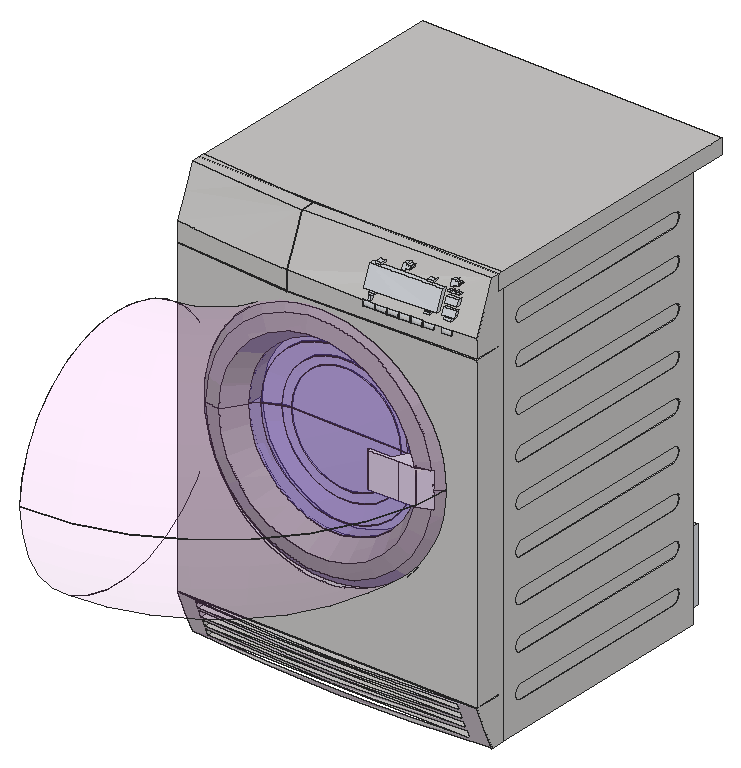
Revit family "TE1120P", category Specialty Equipment, Revit 2014
Parameters
  Width = 596.5 mm
  Height = 850 mm
  Depth = 625 mm
Reference planes
  plane 1 "Center (Front/Back)": y = 0
  plane 2: z = 0
  plane 3 "Center (Left/Right)": x = 0
  plane 4 "LEFT": x = -298.25
  plane 5 "RIGHT": x = 298.25
  plane 6 "BACK": y = 312.5
  plane 7 "FRONT": y = -312.5
  plane 8 "voidPanel": through (0, -279.09, 846.678) normal (0, -0.9308, 0.3656)
Forms (mm)
  Extrusion 1, void
    sketch origin (0, 0, 0) x (1, 0, 0) y (0, 1, 0)
      loop
        line (298.25, -312.5) -> (348.25, -312.5) -> (348.25, -207.1) -> (298.25, -207.1) -> (298.25, -312.5)
    from 0 to 850
  Extrusion 2, void
    sketch origin (0, 0, 0) x (1, 0, 0) y (0, 1, 0)
      loop
        line (-298.25, -312.5) -> (-298.25, -207.1) -> (-348.25, -207.1) -> (-348.25, -312.5) -> (-298.25, -312.5)
    from 0 to 850
  Revolve 3, solid, material "QF_Finishes_Stainless Steel"
    sketch origin (0, 0, 0) x (0, 1, 0) y (0, 0, 1)
      loop
        line (-274.523, 850) -> (-312.5, 758.7) -> (-312.5, 96.5) -> (-275.82, 10.099) -> (-247.797, 10.099) -> (-247.797, 850) -> (-274.523, 850)
      axis (2690.37, 850) -> (2690.37, 10.099)
    angle from -6 to 6
  Extrusion 4, solid, material "QF_Finishes_Stainless Steel"
    sketch origin (0, 0, 0) x (1, 0, 0) y (0, 1, 0)
      loop
        line (-298.25, 242.203) -> (-298.25, -242.62) -> (298.25, -242.62) -> (298.25, 242.203) -> (-298.25, 242.203)
    from 10 to 820
  Extrusion 5, solid, material "QF_Finishes_Stainless Steel"
    sketch origin (0, 0, 820) x (-1, 0, 0) y (0, -1, 0)
      loop
        line (298.25, -312.5) -> (298.25, 242.62)
        arc (298.25, 242.62) -> (0, 256.083) -> (-298.25, 242.62) r 3310.343
        line (-298.25, 242.62) -> (-298.25, -312.5) -> (298.25, -312.5)
    from 0 to 30
  Extrusion 6, void
    sketch origin (0, -312.5, 0) x (0, 0, 1) y (-1, 0, 0)
      loop
        circle (470, 0) r 242.757
    from 0 to -500.517
  Revolve 7, solid, material "QF_Finishes_Gray"
    sketch origin (0, 0, 470) x (-1, 0, 0) y (0, -1, 0)
      loop
        line (245.674, 247.797) -> (245.674, 301.649) -> (226.774, 315.823) -> (196.73, 322.467) -> (170.5, 280.146) -> (170.5, 247.797) -> (245.674, 247.797)
      axis (0, 247.797) -> (0, 322.467)
    angle from 0 to 360
  Revolve 8, solid, material "Glass"
    sketch origin (0, 0, 470) x (-1, 0, 0) y (0, -1, 0)
      loop
        line (156.034, 267.121) -> (125.785, 252.816)
        arc (125.785, 252.816) -> (117.42, 250.476) -> (108.77, 249.687) r 47.824
        line (108.77, 249.687) -> (0, 249.687) -> (0, 247.687) -> (108.77, 247.687)
        arc (108.77, 247.687) -> (117.82, 248.516) -> (126.57, 250.975) r 49.824
        line (126.57, 250.975) -> (156.889, 265.313)
        arc (156.889, 265.313) -> (164.396, 270.082) -> (170.5, 276.551) r 35.892
        line (170.5, 276.551) -> (170.5, 280.146)
        arc (170.5, 280.146) -> (164.222, 272.572) -> (156.034, 267.121) r 33.892
      axis (0, 247.687) -> (0, 280.146)
    angle from 0 to 360
  Extrusion 9, void
    sketch origin (0, 0, 470) x (-1, 0, 0) y (0, -1, 0)
      loop
        line (288.25, -232.203) -> (288.25, 237.797) -> (-288.25, 237.797) -> (-288.25, -232.203) -> (288.25, -232.203)
    from -434.1 to 332.6
  Extrusion 10, solid
    sketch origin (0, 0, 852.516) x (-1, 0, 0) y (0, -1, 0)
      loop
        line (-148.308, 321.998) -> (-106.952, 321.998)
        arc (-106.952, 321.998) -> (-103.946, 325.004) -> (-106.952, 328.01) r 3.006
        line (-106.952, 328.01) -> (-166.755, 328.01)
        arc (-166.755, 328.01) -> (-197.368, 324.932) -> (-226.757, 315.823) r 153.806
        line (-226.757, 315.823) -> (-196.713, 322.467) -> (-170.483, 280.146) -> (-148.308, 321.998)
    from -417.516 to -347.516
  Extrusion 11, void
    sketch origin (0, 0, 0) x (0, 1, 0) y (0, 0, 1)
      loop
        line (-186.583, 738.954) -> (193.417, 738.954)
        arc (193.417, 738.954) -> (208.417, 753.954) -> (193.417, 768.954) r 15
        line (193.417, 768.954) -> (-186.583, 768.954)
        arc (-186.583, 768.954) -> (-201.583, 753.954) -> (-186.583, 738.954) r 15
      loop
        line (-186.583, 659.854) -> (193.417, 659.854)
        arc (193.417, 659.854) -> (208.417, 674.854) -> (193.417, 689.854) r 15
        line (193.417, 689.854) -> (-186.583, 689.854)
        arc (-186.583, 689.854) -> (-201.583, 674.854) -> (-186.583, 659.854) r 15
      loop
        arc (193.417, 574.854) -> (208.417, 589.854) -> (193.417, 604.854) r 15
        line (193.417, 604.854) -> (-186.583, 604.854)
        arc (-186.583, 604.854) -> (-201.583, 589.854) -> (-186.583, 574.854) r 15
        line (-186.583, 574.854) -> (193.417, 574.854)
      loop
        arc (-186.583, 519.854) -> (-201.583, 504.854) -> (-186.583, 489.854) r 15
        line (-186.583, 489.854) -> (193.417, 489.854)
        arc (193.417, 489.854) -> (208.417, 504.854) -> (193.417, 519.854) r 15
        line (193.417, 519.854) -> (-186.583, 519.854)
      loop
        arc (-186.583, 434.854) -> (-201.583, 419.854) -> (-186.583, 404.854) r 15
        line (-186.583, 404.854) -> (193.417, 404.854)
        arc (193.417, 404.854) -> (208.417, 419.854) -> (193.417, 434.854) r 15
        line (193.417, 434.854) -> (-186.583, 434.854)
      loop
        line (-186.583, 319.854) -> (193.417, 319.854)
        arc (193.417, 319.854) -> (208.417, 334.854) -> (193.417, 349.854) r 15
        line (193.417, 349.854) -> (-186.583, 349.854)
        arc (-186.583, 349.854) -> (-201.583, 334.854) -> (-186.583, 319.854) r 15
      loop
        arc (-186.583, 264.854) -> (-201.583, 249.854) -> (-186.583, 234.854) r 15
        line (-186.583, 234.854) -> (193.417, 234.854)
        arc (193.417, 234.854) -> (208.417, 249.854) -> (193.417, 264.854) r 15
        line (193.417, 264.854) -> (-186.583, 264.854)
      loop
        arc (-186.583, 179.854) -> (-201.583, 164.854) -> (-186.583, 149.854) r 15
        line (-186.583, 149.854) -> (193.417, 149.854)
        arc (193.417, 149.854) -> (208.417, 164.854) -> (193.417, 179.854) r 15
        line (193.417, 179.854) -> (-186.583, 179.854)
      loop
        arc (-186.583, 94.854) -> (-201.583, 79.854) -> (-186.583, 64.854) r 15
        line (-186.583, 64.854) -> (193.417, 64.854)
        arc (193.417, 64.854) -> (208.417, 79.854) -> (193.417, 94.854) r 15
        line (193.417, 94.854) -> (-186.583, 94.854)
    from 295 to 298.25
  Extrusion 12, void
    sketch origin (-298.25, 0, 0) x (0, 0, 1) y (0, -1, 0)
      loop
        line (768.954, -193.417) -> (768.954, 186.583)
        arc (768.954, 186.583) -> (753.954, 201.583) -> (738.954, 186.583) r 15
        line (738.954, 186.583) -> (738.954, -193.417)
        arc (738.954, -193.417) -> (753.954, -208.417) -> (768.954, -193.417) r 15
      loop
        arc (659.854, -193.417) -> (674.854, -208.417) -> (689.854, -193.417) r 15
        line (689.854, -193.417) -> (689.854, 186.583)
        arc (689.854, 186.583) -> (674.854, 201.583) -> (659.854, 186.583) r 15
        line (659.854, 186.583) -> (659.854, -193.417)
      loop
        line (604.854, -193.417) -> (604.854, 186.583)
        arc (604.854, 186.583) -> (589.854, 201.583) -> (574.854, 186.583) r 15
        line (574.854, 186.583) -> (574.854, -193.417)
        arc (574.854, -193.417) -> (589.854, -208.417) -> (604.854, -193.417) r 15
      loop
        arc (489.854, -193.417) -> (504.854, -208.417) -> (519.854, -193.417) r 15
        line (519.854, -193.417) -> (519.854, 186.583)
        arc (519.854, 186.583) -> (504.854, 201.583) -> (489.854, 186.583) r 15
        line (489.854, 186.583) -> (489.854, -193.417)
      loop
        line (404.854, 186.583) -> (404.854, -193.417)
        arc (404.854, -193.417) -> (419.854, -208.417) -> (434.854, -193.417) r 15
        line (434.854, -193.417) -> (434.854, 186.583)
        arc (434.854, 186.583) -> (419.854, 201.583) -> (404.854, 186.583) r 15
      loop
        arc (319.854, -193.417) -> (334.854, -208.417) -> (349.854, -193.417) r 15
        line (349.854, -193.417) -> (349.854, 186.583)
        arc (349.854, 186.583) -> (334.854, 201.583) -> (319.854, 186.583) r 15
        line (319.854, 186.583) -> (319.854, -193.417)
      loop
        arc (264.854, 186.583) -> (249.854, 201.583) -> (234.854, 186.583) r 15
        line (234.854, 186.583) -> (234.854, -193.417)
        arc (234.854, -193.417) -> (249.854, -208.417) -> (264.854, -193.417) r 15
        line (264.854, -193.417) -> (264.854, 186.583)
      loop
        arc (149.854, -193.417) -> (164.854, -208.417) -> (179.854, -193.417) r 15
        line (179.854, -193.417) -> (179.854, 186.583)
        arc (179.854, 186.583) -> (164.854, 201.583) -> (149.854, 186.583) r 15
        line (149.854, 186.583) -> (149.854, -193.417)
      loop
        line (94.854, -193.417) -> (94.854, 186.583)
        arc (94.854, 186.583) -> (79.854, 201.583) -> (64.854, 186.583) r 15
        line (64.854, 186.583) -> (64.854, -193.417)
        arc (64.854, -193.417) -> (79.854, -208.417) -> (94.854, -193.417) r 15
    from 0 to 3.25
  Extrusion 13, solid
    sketch origin (0, 0, 0) x (1, 0, 0) y (0, 1, 0)
      loop
        circle (-263.25, 215.1) r 20
    from 2.599 to 10
  Extrusion 14, solid
    sketch origin (0, 0, 0) x (1, 0, 0) y (0, 1, 0)
      loop
        circle (-263.25, 215.1) r 11
    from 0 to 3
  Extrusion 15, solid
    sketch origin (0, 0, 0) x (1, 0, 0) y (0, 1, 0)
      loop
        circle (263.25, 215.1) r 20
    from 3 to 10
  Extrusion 16, solid
    sketch origin (0, 0, 0) x (1, 0, 0) y (0, 1, 0)
      loop
        circle (263.25, 215.1) r 11
    from 0 to 3
  Extrusion 17, solid
    sketch origin (0, 0, 0) x (1, 0, 0) y (0, 1, 0)
      loop
        circle (-263.25, -211.3) r 20
    from 3 to 10
  Extrusion 18, solid
    sketch origin (0, 0, 0) x (1, 0, 0) y (0, 1, 0)
      loop
        circle (-263.25, -211.3) r 11
    from 0 to 3
  Extrusion 19, solid
    sketch origin (0, 0, 0) x (1, 0, 0) y (0, 1, 0)
      loop
        circle (263.25, -211.3) r 20
    from 3 to 10
  Extrusion 20, solid
    sketch origin (0, 0, 0) x (1, 0, 0) y (0, 1, 0)
      loop
        circle (263.25, -211.3) r 11
    from 0 to 3
  Extrusion 21, solid
    sketch origin (66, 242.203, -35.6) x (0, 0, 1) y (1, 0, 0)
      loop
        circle (770.6, 175.06) r 5
    from 0 to 10
  Revolve 22, void
    sketch origin (-230.316, 19.843, 0) x (-0.085839, -0.996309, 0) y (0, 0, 1)
      loop
        arc (300.921, 759.87) -> (305.932, 740.04) -> (319.761, 724.969) r 41.748
        line (319.761, 724.969) -> (319.761, 759.87) -> (300.921, 759.87)
      axis (-2683.13, 759.87) -> (-2683.13, 724.969)
    angle from 0 to 2.65
  Extrusion 23, void
    sketch origin (0, -312.5, 0) x (0, 0, 1) y (-1, 0, 0)
      loop
        line (747.324, -82.491) -> (747.324, -105.291) -> (759.324, -105.291) -> (759.324, -82.491) -> (747.324, -82.491)
    from -4.2 to 3
  Extrusion 24, void
    sketch origin (0, -312.5, 0) x (0, 0, 1) y (-1, 0, 0)
      loop
        line (747.324, -105.691) -> (747.324, -128.291) -> (759.324, -128.291) -> (759.324, -105.691) -> (747.324, -105.691)
    from -5 to 3
  Extrusion 25, void
    sketch origin (0, -312.5, 0) x (0, 0, 1) y (-1, 0, 0)
      loop
        line (747.324, -128.691) -> (747.324, -151.291) -> (759.324, -151.291) -> (759.324, -128.691) -> (747.324, -128.691)
    from -6 to 3
  Extrusion 26, void
    sketch origin (0, -312.5, 0) x (0, 0, 1) y (-1, 0, 0)
      loop
        line (747.324, -151.691) -> (747.324, -174.291) -> (759.324, -174.291) -> (759.324, -151.691) -> (747.324, -151.691)
    from -7 to 3
  Extrusion 27, void
    sketch origin (0, -312.5, 0) x (0, 0, 1) y (-1, 0, 0)
      loop
        line (759.324, -174.691) -> (747.324, -174.691) -> (747.324, -197.291) -> (759.324, -197.291) -> (759.324, -174.691)
    from -8 to 3
  Extrusion 28, void
    sketch origin (0, -312.5, 0) x (0, 0, 1) y (-1, 0, 0)
      loop
        line (759.324, -197.691) -> (747.324, -197.691) -> (747.324, -220.291) -> (759.324, -220.291) -> (759.324, -197.691)
    from -10 to 3
  Extrusion 29, void
    sketch origin (0, -312.5, 0) x (0, 0, 1) y (-1, 0, 0)
      loop
        line (759.324, -231.191) -> (747.324, -231.191) -> (747.324, -253.791) -> (759.324, -253.791) -> (759.324, -231.191)
    from -12 to 3
  Revolve 30, solid
    sketch origin (225.331, 18.987, 3.3) x (-0.083967, 0.996469, 0) y (0, 0, 1)
      loop
        line (-322.415, 744.497) -> (-318.664, 744.497) -> (-318.664, 755.444) -> (-320.867, 755.444)
        arc (-320.867, 755.444) -> (-323.262, 750.2) -> (-322.415, 744.497) r 10.15
      axis (2683.559, 755.444) -> (2683.559, 744.497)
    angle from 0.39 to 0
  Revolve 31, solid
    sketch origin (175.309, 11.964, 2.773) x (-0.065247, 0.997869, 0) y (0, 0, 1)
      loop
        arc (-316.803, 755.966) -> (-319.198, 750.722) -> (-318.35, 745.019) r 10.15
        line (-318.35, 745.019) -> (-314.581, 745.019) -> (-314.581, 755.966) -> (-316.803, 755.966)
      axis (2687.331, 755.966) -> (2687.331, 745.019)
    angle from 0 to 0.39
  Revolve 32, solid
    sketch origin (154.929, 8.943, 3.3) x (0.057625, -0.998338, 0) y (0, 0, 1)
      loop
        line (314.383, 755.444) -> (312.161, 755.444) -> (312.161, 744.497) -> (315.93, 744.497)
        arc (315.93, 744.497) -> (316.778, 750.2) -> (314.383, 755.444) r 10.15
      axis (-2688.595, 755.444) -> (-2688.595, 744.497)
    angle from 0 to -0.39
  Revolve 33, solid
    sketch origin (114.028, 4.837, 3.3) x (-0.042379, 0.999102, 0) y (0, 0, 1)
      loop
        arc (-312.044, 755.444) -> (-314.439, 750.2) -> (-313.591, 744.497) r 10.15
        line (-313.591, 744.497) -> (-309.822, 744.497) -> (-309.822, 755.444) -> (-312.044, 755.444)
      axis (2690.65, 755.444) -> (2690.65, 744.497)
    angle from 0 to 0.39
  Revolve 34, solid
    sketch origin (93.547, 3.253, 3.3) x (0.034757, -0.999396, 0) y (0, 0, 1)
      loop
        line (310.993, 755.444) -> (308.772, 755.444) -> (308.772, 744.497) -> (312.541, 744.497)
        arc (312.541, 744.497) -> (313.388, 750.2) -> (310.993, 755.444) r 10.15
      axis (-2691.442, 755.444) -> (-2691.442, 744.497)
    angle from 0 to -0.39
  Revolve 35, solid
    sketch origin (195.713, 14.299, 3.236) x (-0.072866, 0.997342, 0) y (0, 0, 1)
      loop
        line (-314.873, 744.555) -> (-314.873, 755.526) -> (-317.167, 755.526)
        arc (-317.167, 755.526) -> (-319.568, 750.27) -> (-318.708, 744.555) r 10.141
        line (-318.708, 744.555) -> (-314.873, 744.555)
      axis (2685.911, 755.526) -> (2685.911, 744.555)
    angle from 0 to 0.39
  Revolve 36, solid
    sketch origin (134.491, 6.733, 3.3) x (-0.050002, 0.998749, 0) y (0, 0, 1)
      loop
        line (-314.545, 744.497) -> (-310.794, 744.497) -> (-310.794, 755.444) -> (-312.997, 755.444)
        arc (-312.997, 755.444) -> (-315.392, 750.2) -> (-314.545, 744.497) r 10.15
      axis (2689.701, 755.444) -> (2689.701, 744.497)
    angle from 0 to 0.39
  Extrusion 37, void
    sketch origin (-298.25, 0, 0) x (0, 0, 1) y (0, -1, 0)
      loop
        line (850, 243.476) -> (850, 327.13) -> (718.7, 327.13) -> (718.7, 243.476) -> (850, 243.476)
    from 229 to 231.5
  Extrusion 38, void
    sketch origin (298.25, 0, 0) x (0, 0, 1) y (0, -1, 0)
      loop
        line (722, 242.62) -> (722, 333.453) -> (719.5, 333.453) -> (719.5, 242.62) -> (722, 242.62)
    from -600 to 3
  Extrusion 39, void
    sketch origin (298.25, 0, 0) x (0, 0, 1) y (0, -1, 0)
      loop
        line (96.5, 322.797) -> (96.5, 242.62) -> (99, 242.62) -> (99, 322.797) -> (96.5, 322.797)
    from -600 to 3
  Extrusion 40, solid
    sketch origin (0, -312.5, 0) x (0, 0, 1) y (-1, 0, 0)
      loop
        line (819.143, -91.989) -> (819.143, -101.989) -> (822.143, -101.989) -> (822.143, -91.989) -> (819.143, -91.989)
      loop
        line (772.15, -91.989) -> (772.15, -101.989) -> (775.15, -101.989) -> (775.15, -91.989) -> (772.15, -91.989)
      loop
        line (762.775, -93.928) -> (762.775, -97.928) -> (769.475, -97.928) -> (769.475, -93.928) -> (762.775, -93.928)
      loop
        line (819.143, -191.861) -> (819.143, -201.861) -> (822.143, -201.861) -> (822.143, -191.861) -> (819.143, -191.861)
      loop
        line (772.15, -198.861) -> (772.15, -208.861) -> (775.15, -208.861) -> (775.15, -198.861) -> (772.15, -198.861)
      loop
        line (814.446, -230.991) -> (814.446, -237.491) -> (816.946, -237.491) -> (816.946, -230.991) -> (814.446, -230.991)
      loop
        line (816.946, -239.241) -> (814.446, -239.241) -> (814.446, -245.741) -> (816.946, -245.741) -> (816.946, -239.241)
      loop
        line (816.946, -247.491) -> (814.446, -247.491) -> (814.446, -253.991) -> (816.946, -253.991) -> (816.946, -247.491)
      loop
        line (808.046, -230.991) -> (796.046, -230.991) -> (796.046, -253.991) -> (808.046, -253.991) -> (808.046, -230.991)
      loop
        line (791.046, -230.991) -> (779.046, -230.991) -> (779.046, -253.991) -> (791.046, -253.991) -> (791.046, -230.991)
      loop
        line (773.046, -235.991) -> (773.046, -248.991) -> (776.546, -248.991) -> (776.546, -235.991) -> (773.046, -235.991)
      loop
        line (815.845, -81.665) -> (778.345, -81.665) -> (778.345, -221.665) -> (815.845, -221.665) -> (815.845, -81.665)
      loop
        line (823.434, -141.668) -> (823.434, -148.168) -> (825.186, -148.168)
        arc (825.186, -148.168) -> (825.862, -148.43) -> (826.186, -149.079) r 1.004
        line (826.186, -149.079) -> (826.761, -155.285)
        arc (826.761, -155.285) -> (827.085, -155.934) -> (827.761, -156.196) r 1.004
        line (827.761, -156.196) -> (830.526, -156.196)
        arc (830.526, -156.196) -> (831.202, -155.934) -> (831.526, -155.285) r 1.004
        line (831.526, -155.285) -> (832.101, -149.079)
        arc (832.101, -149.079) -> (832.559, -148.326) -> (833.434, -148.224) r 1.004
        line (833.434, -148.224) -> (833.434, -141.668) -> (823.434, -141.668)
      loop
        line (823.434, -233.563) -> (823.434, -240.063) -> (825.186, -240.063)
        arc (825.186, -240.063) -> (825.862, -240.325) -> (826.186, -240.974) r 1.004
        line (826.186, -240.974) -> (826.761, -247.18)
        arc (826.761, -247.18) -> (827.085, -247.829) -> (827.761, -248.091) r 1.004
        line (827.761, -248.091) -> (830.526, -248.091)
        arc (830.526, -248.091) -> (831.202, -247.829) -> (831.526, -247.18) r 1.004
        line (831.526, -247.18) -> (832.101, -240.974)
        arc (832.101, -240.974) -> (832.559, -240.222) -> (833.434, -240.12) r 1.004
        line (833.434, -240.12) -> (833.434, -233.563) -> (823.434, -233.563)
    from -45.246 to 6
  Revolve 41, void
    sketch origin (0, 0, 0) x (0, 1, 0) y (0, 0, 1)
      loop
        line (-316.301, 758.952) -> (-278.984, 853.952) -> (-329.707, 853.952) -> (-329.707, 758.952) -> (-316.301, 758.952)
      axis (2690.37, 853.952) -> (2690.37, 758.952)
    angle from 1 to -6
  Revolve 42, void
    sketch origin (0, 0, 0) x (0, 1, 0) y (0, 0, 1)
      loop
        line (-273.427, 839.015) -> (-303.994, 761.2) -> (-262.303, 761.2) -> (-262.303, 839.015) -> (-273.427, 839.015)
      axis (2690.37, 839.015) -> (2690.37, 761.2)
    angle from 1 to -5
  Revolve 43, solid, material "QF_Door-Drawer Clearances"
    sketch origin (0, -271.25, 0) x (-1, 0, 0) y (0, 0, 1)
      loop
        circle (-1.368, 470) r 244.125
      axis (242.774, 470) -> (242.774, 469)
    angle from 0 to 90
  Extrusion 44, void
    sketch origin (0, -312.5, 0) x (0, 0, 1) y (-1, 0, 0)
      loop
        line (94, 260.75) -> (80, 260.75) -> (80, -261.25) -> (94, -261.25) -> (94, 260.75)
      loop
        line (74, 260.75) -> (60, 260.75) -> (60, -261.25) -> (74, -261.25) -> (74, 260.75)
      loop
        line (54, 260.75) -> (40, 260.75) -> (40, -261.25) -> (54, -261.25) -> (54, 260.75)
      loop
        line (34, 260.75) -> (20, 260.75) -> (20, -261.25) -> (34, -261.25) -> (34, 260.75)
    from -91.438 to 3
  Extrusion 45, solid
    sketch origin (0, 242.203, 0) x (0, 0, 1) y (1, 0, 0)
      loop
        line (278.63, -252.495) -> (389.816, -207.414) -> (460.2, -240.618)
        arc (460.2, -240.618) -> (584.111, -257.767) -> (695.694, -201.223) r 209.429
        arc (695.694, -201.223) -> (784.615, -65.119) -> (777.879, 97.319) r 266.4
        arc (777.879, 97.319) -> (678.38, 225.893) -> (522.686, 272.699) r 266.4
        arc (522.686, 272.699) -> (400.917, 244.057) -> (317.197, 151.111) r 209.429
        line (317.197, 151.111) -> (284.759, 80.371) -> (165.518, 32.025) -> (47.549, 32.025) -> (47.549, -15.806) -> (10, -15.806) -> (10, -252.495) -> (278.63, -252.495)
    from 0 to 15
  Blend 46, solid
    base sketch origin (0, 242.203, 0) x (0, 0, 1) y (1, 0, 0)
      loop
        line (289.712, 68.155) -> (174.986, 21.639) -> (10, 21.639) -> (10, -235.481) -> (278.63, -235.481) -> (384.922, -192.385) -> (501.616, -199.666)
        arc (501.616, -199.666) -> (704.606, 72.534) -> (373.752, 148.911) r 202.765
        line (373.752, 148.911) -> (289.712, 68.155)
    top sketch origin (0, 242.203, 0) x (0, 0, 1) y (1, 0, 0)
      loop
        line (425.069, 116.303) -> (307.228, 24.954) -> (208.47, -15.088) -> (10, -15.088) -> (10, -202.083) -> (165.518, -202.083) -> (278.63, -188.128) -> (371.298, -150.555) -> (518.478, -141.65)
        arc (518.478, -141.65) -> (650.033, 51.877) -> (425.069, 116.303) r 144.418
    from 15 to 55
  Extrusion 47, solid
    sketch origin (0, 242.203, 0) x (0, 0, 1) y (1, 0, 0)
      loop
        line (10, 263.25) -> (10, 21.639) -> (47.549, 21.639) -> (47.549, 129.16) -> (133.248, 129.16) -> (154.843, 248.035) -> (154.843, 263.25) -> (10, 263.25)
    from 0 to 55
  Extrusion 48, solid
    sketch origin (0, 242.203, 0) x (0, 0, 1) y (1, 0, 0)
      loop
        circle (688, -254.25) r 6.35
    from 0 to 3
  Extrusion 49, solid
    sketch origin (0, 242.203, 0) x (0, 0, 1) y (1, 0, 0)
      loop
        circle (779, -209.25) r 6.35
    from 0 to 3
  Extrusion 50, void
    sketch origin (0, 312.5, 0) x (0, 0, 1) y (-1, 0, 0)
      loop
        line (10, 15.806) -> (45, 15.806) -> (45, 55.806) -> (10, 55.806) -> (10, 15.806)
    from 15.297 to 35.3
  Extrusion 51, solid
    sketch origin (0, 242.203, 0) x (0, 0, 1) y (1, 0, 0)
      loop
        circle (27.5, -35.806) r 12.7
    from 34.997 to 55
Cuts and joins
  Extrusion 9, Extrusion 11, Extrusion 12, Revolve 22, Extrusion 38, Extrusion 39 cuts Extrusion 4
  Extrusion 1, Extrusion 2, Extrusion 6, Revolve 22, Extrusion 23, Extrusion 24, Extrusion 25, Extrusion 26, Extrusion 27, Extrusion 28, Extrusion 29, Extrusion 37, Extrusion 38, Extrusion 39, Revolve 42, Extrusion 44 cuts Revolve 3
  Revolve 41, Revolve 42 cuts Extrusion 40
  Extrusion 50 cuts Blend 46
Lines and regions (mm)
  model lines
    curve 1: line (253.366, -313.716, 0) -> (253.669, -317.455, 0)
  symbolic lines, style "QF_Door-Drawer Clearances"
    curve 2: line (-242.774, -758.898, 744.475) -> (-242.774, -271.25, 744.475)
    curve 3: line (-242.774, -759.517, 744.475) -> (-239.774, -759.517, 744.475)
    curve 4: arc (-242.774, -759.517, 744.475) -> (91.088, -627.537, 744.475) -> (244.463, -302.947, 744.475) r 488.267
Dimensions and locks
  equal spacing: plane 5 "RIGHT", plane 3 "Center (Left/Right)", plane 4 "LEFT"
  "Width": plane 5 "RIGHT" to plane 4 "LEFT"
  equal spacing: plane 7 "FRONT", plane 1 "Center (Front/Back)", plane 6 "BACK"
  "Depth": plane 7 "FRONT" to plane 6 "BACK"
  plane 7 "FRONT" to plane 6 "BACK" = 625 mm
  curve 3 to plane 6 "BACK" = 1072.017 mm
  cut or joined group 1 (Extrusion 1, Extrusion 2, Revolve 3, Extrusion 6, Revolve 22, Extrusion 23, Extrusion 24, Extrusion 25, Extrusion 26, Extrusion 27, Extrusion 28, Extrusion 29, Extrusion 37, Extrusion 38, Extrusion 39, Revolve 42, Extrusion 44) to cut or joined group 1 = 128 mm
  cut or joined group 1 to cut or joined group 1 = 711.901 mm
  cut or joined group 1 to level = 850 mm
  aligned and locked: level to plane 2
Automatic sketch dimensions
  Extrusion 1 sketch curve to plane 5 "RIGHT" = 0 mm
  plane 7 "FRONT" to Extrusion 1 sketch curve = 0 mm
  Extrusion 1 sketch curve to Extrusion 1 sketch curve = 50 mm
  plane 7 "FRONT" to Extrusion 2 sketch curve = 0 mm
  Extrusion 2 sketch curve to plane 4 "LEFT" = 0 mm
  Extrusion 2 sketch curve to Extrusion 2 sketch curve = 50 mm
  Extrusion 4 sketch curve to plane 4 "LEFT" = 0 mm
  Extrusion 4 sketch curve to plane 5 "RIGHT" = 0 mm
  Extrusion 6 sketch curve to plane 3 "Center (Left/Right)" = 0 mm
  Revolve 7 sketch curve to plane 3 "Center (Left/Right)" = 0 mm
  plane 7 "FRONT" to Revolve 7 sketch curve = 3.323 mm
  Revolve 7 sketch curve to Revolve 7 sketch curve = 32.349 mm
  Revolve 7 sketch curve to plane 7 "FRONT" = 10.851 mm
  plane 7 "FRONT" to Revolve 7 sketch curve = 9.967 mm
  Revolve 7 sketch curve to plane 6 "BACK" = 1134.072 mm
  plane 7 "FRONT" to Revolve 7 sketch curve = 1124.917 mm
  Revolve 8 sketch curve to Revolve 8 sketch curve = 0 mm  (x5)
  Revolve 8 sketch curve to plane 3 "Center (Left/Right)" = 0 mm  (x2)
  Revolve 8 sketch curve to Revolve 8 sketch curve = 0.785 mm
  Revolve 8 sketch curve to Revolve 8 sketch curve = 0.855 mm
  Revolve 8 sketch curve to Revolve 8 sketch curve = 14.466 mm
  Revolve 8 sketch curve to Revolve 8 sketch curve = 1.288 mm
  Revolve 8 sketch curve to Revolve 8 sketch curve = 1.808 mm
  Revolve 8 sketch curve to Revolve 8 sketch curve = 9.43 mm
  Revolve 8 sketch curve to plane 6 "BACK" = 1134.072 mm
  plane 7 "FRONT" to Revolve 8 sketch curve = 1124.917 mm
  plane 7 "FRONT" to Extrusion 10 sketch curve = 3.323 mm
  plane 7 "FRONT" to Extrusion 10 sketch curve = 9.967 mm
  plane 7 "FRONT" to Extrusion 10 sketch curve = 9.498 mm
  Extrusion 10 sketch curve to Extrusion 10 sketch curve = 18.446 mm
  Extrusion 10 sketch curve to Extrusion 10 sketch curve = 41.357 mm
  Extrusion 11 sketch curve to Extrusion 11 sketch curve = 15 mm  (x9)
  Extrusion 11 sketch curve to Extrusion 11 sketch curve = 55 mm  (x7)
  Extrusion 12 sketch curve to Extrusion 12 sketch curve = 55 mm  (x7)
  Extrusion 12 sketch curve to Extrusion 12 sketch curve = 15 mm  (x9)
  Revolve 22 sketch curve to Revolve 22 sketch curve = 18.839 mm
  Revolve 22 sketch curve to Revolve 22 sketch curve = 22.908 mm
  Revolve 22 sketch curve to Revolve 22 sketch curve = 2984.051 mm
  Extrusion 23 sketch curve to Extrusion 23 sketch curve = 22.8 mm
  Extrusion 24 sketch curve to Extrusion 24 sketch curve = 22.6 mm
  Extrusion 25 sketch curve to Extrusion 25 sketch curve = 22.6 mm
  Extrusion 26 sketch curve to Extrusion 26 sketch curve = 22.6 mm
  Extrusion 28 sketch curve to Extrusion 28 sketch curve = 22.6 mm
  Revolve 30 sketch curve to Revolve 30 sketch curve = 1.547 mm
  Revolve 30 sketch curve to Revolve 30 sketch curve = 2.203 mm
  Revolve 30 sketch curve to Revolve 30 sketch curve = 2996.771 mm
  Revolve 31 sketch curve to Revolve 31 sketch curve = 1.547 mm
  Revolve 31 sketch curve to Revolve 31 sketch curve = 3.769 mm
  Revolve 31 sketch curve to Revolve 31 sketch curve = 2996.479 mm
  Revolve 32 sketch curve to Revolve 32 sketch curve = 5.433 mm
  Revolve 32 sketch curve to Revolve 32 sketch curve = 2.222 mm
  Revolve 32 sketch curve to Revolve 32 sketch curve = 3.769 mm
  Revolve 32 sketch curve to Revolve 32 sketch curve = 2995.322 mm
  Revolve 33 sketch curve to Revolve 33 sketch curve = 1.548 mm
  Revolve 33 sketch curve to Revolve 33 sketch curve = 3.769 mm
  Revolve 33 sketch curve to Revolve 33 sketch curve = 2995.039 mm
  Revolve 34 sketch curve to Revolve 34 sketch curve = 5.433 mm
  Revolve 34 sketch curve to Revolve 34 sketch curve = 2.222 mm
  Revolve 34 sketch curve to Revolve 34 sketch curve = 3.769 mm
  Revolve 34 sketch curve to Revolve 34 sketch curve = 2994.781 mm
  Revolve 35 sketch curve to Revolve 35 sketch curve = 1.541 mm
  Revolve 35 sketch curve to Revolve 35 sketch curve = 3.835 mm
  Revolve 35 sketch curve to Revolve 35 sketch curve = 2995.436 mm
  Revolve 36 sketch curve to Revolve 36 sketch curve = 1.547 mm
  Revolve 36 sketch curve to Revolve 36 sketch curve = 2.203 mm
  Revolve 36 sketch curve to Revolve 36 sketch curve = 2995.043 mm
  plane 7 "FRONT" to Extrusion 37 sketch curve = 14.63 mm
  Extrusion 38 sketch curve to Extrusion 38 sketch curve = 2.5 mm
  plane 7 "FRONT" to Extrusion 38 sketch curve = 20.953 mm
  Extrusion 39 sketch curve to Extrusion 39 sketch curve = 2.5 mm
  plane 7 "FRONT" to Extrusion 39 sketch curve = 10.297 mm
  Extrusion 40 sketch curve to Extrusion 40 sketch curve = 5 mm  (x3)
  Extrusion 40 sketch curve to Extrusion 40 sketch curve = 2.5 mm  (x4)
  Extrusion 40 sketch curve to Extrusion 40 sketch curve = 6.7 mm
  Extrusion 40 sketch curve to Extrusion 40 sketch curve = 0 mm  (x4)
  Extrusion 40 sketch curve to Extrusion 40 sketch curve = 3 mm  (x4)
  Extrusion 40 sketch curve to Extrusion 40 sketch curve = 1.752 mm  (x2)
  Extrusion 40 sketch curve to Extrusion 40 sketch curve = 1 mm  (x8)
  Extrusion 40 sketch curve to Extrusion 40 sketch curve = 0.576 mm  (x2)
  Extrusion 40 sketch curve to Extrusion 40 sketch curve = 2.765 mm  (x2)
  Extrusion 40 sketch curve to Extrusion 40 sketch curve = 5.916 mm  (x2)
  Extrusion 40 sketch curve to Extrusion 40 sketch curve = 0.333 mm  (x2)
  Extrusion 40 sketch curve to Extrusion 40 sketch curve = 0.911 mm  (x4)
  Extrusion 40 sketch curve to Extrusion 40 sketch curve = 6.5 mm  (x3)
  Extrusion 40 sketch curve to Extrusion 40 sketch curve = 1.75 mm  (x2)
  Extrusion 40 sketch curve to Extrusion 40 sketch curve = 6.113 mm  (x4)
  Extrusion 40 sketch curve to Extrusion 40 sketch curve = 0.093 mm  (x4)
  Extrusion 40 sketch curve to Extrusion 40 sketch curve = 13 mm
  Extrusion 40 sketch curve to Extrusion 40 sketch curve = 6.557 mm  (x2)
  Extrusion 40 sketch curve to Extrusion 40 sketch curve = 9.327 mm
  Extrusion 40 sketch curve to Extrusion 40 sketch curve = 12.804 mm
  Extrusion 40 sketch curve to Extrusion 40 sketch curve = 19.804 mm
  Extrusion 40 sketch curve to Extrusion 40 sketch curve = 10 mm  (x3)
  Extrusion 40 sketch curve to Extrusion 40 sketch curve = 39.679 mm  (x2)
  Extrusion 40 sketch curve to Extrusion 40 sketch curve = 4.061 mm
  Extrusion 40 sketch curve to Extrusion 40 sketch curve = 4 mm
  Extrusion 40 sketch curve to Extrusion 40 sketch curve = 1.939 mm
  Extrusion 40 sketch curve to Extrusion 40 sketch curve = 10.324 mm
  plane 7 "FRONT" to Revolve 41 sketch curve = 3.801 mm
  Revolve 41 sketch curve to Revolve 41 sketch curve = 13.406 mm
  Revolve 42 sketch curve to Revolve 42 sketch curve = 11.124 mm
  Revolve 42 sketch curve to plane 7 "FRONT" = 8.506 mm
  Revolve 42 sketch curve to level = 337.362 mm
  plane 3 "Center (Left/Right)" to Revolve 43 sketch curve = 1.368 mm
  Revolve 3 sketch curve to plane 7 "FRONT" = 0 mm
  Revolve 3 sketch curve to level = 337.362 mm
  Revolve 30 sketch curve to Revolve 30 sketch curve = 5.452 mm
  Revolve 31 sketch curve to Revolve 31 sketch curve = 5.433 mm
  Revolve 33 sketch curve to Revolve 33 sketch curve = 5.433 mm
  Revolve 35 sketch curve to Revolve 35 sketch curve = 5.348 mm
  Revolve 36 sketch curve to Revolve 36 sketch curve = 5.452 mm
  Extrusion 40 sketch curve to Extrusion 40 sketch curve = 2.675 mm
  Extrusion 40 sketch curve to Extrusion 40 sketch curve = 0.896 mm
  Extrusion 40 sketch curve to Extrusion 40 sketch curve = 3.5 mm
  Extrusion 40 sketch curve to Extrusion 40 sketch curve = 3.195 mm
  Extrusion 40 sketch curve to Extrusion 40 sketch curve = 12 mm  (x2)
  Extrusion 40 sketch curve to Extrusion 40 sketch curve = 6.4 mm  (x2)
  Extrusion 40 sketch curve to Extrusion 40 sketch curve = 1.399 mm
  Extrusion 40 sketch curve to Extrusion 40 sketch curve = 3.299 mm  (x2)
  Extrusion 40 sketch curve to Extrusion 40 sketch curve = 1.291 mm
  Extrusion 40 sketch curve to Extrusion 40 sketch curve = 6.488 mm
  Revolve 41 sketch curve to Revolve 41 sketch curve = 95 mm
  Revolve 42 sketch curve to Revolve 42 sketch curve = 77.816 mm
  Extrusion 5 sketch curve to plane 5 "RIGHT" = 0 mm
  Extrusion 5 sketch curve to plane 3 "Center (Left/Right)" = 0 mm
  Extrusion 5 sketch curve to plane 4 "LEFT" = 0 mm
  plane 6 "BACK" to Extrusion 5 sketch curve = 0 mm
  Extrusion 29 sketch curve to Extrusion 29 sketch curve = 22.6 mm
  plane 7 "FRONT" to curve 2 = 446.398 mm
  Extrusion 44 sketch curve to Extrusion 44 sketch curve = 14 mm  (x4)
  Extrusion 44 sketch curve to Extrusion 44 sketch curve = 6 mm  (x3)
  plane 3 "Center (Left/Right)" to Extrusion 45 sketch curve = 32.025 mm
  Extrusion 45 sketch curve to Extrusion 45 sketch curve = 117.969 mm
  plane 3 "Center (Left/Right)" to Extrusion 45 sketch curve = 80.371 mm
  Extrusion 45 sketch curve to Extrusion 45 sketch curve = 119.241 mm
  Extrusion 45 sketch curve to Extrusion 45 sketch curve = 32.438 mm
  plane 3 "Center (Left/Right)" to Extrusion 45 sketch curve = 6.343 mm
  Extrusion 45 sketch curve to Extrusion 45 sketch curve = 0.276 mm
  Extrusion 45 sketch curve to Extrusion 45 sketch curve = 21.785 mm
  Extrusion 45 sketch curve to plane 3 "Center (Left/Right)" = 51.209 mm
  Extrusion 45 sketch curve to plane 3 "Center (Left/Right)" = 15.806 mm
  Extrusion 45 sketch curve to Extrusion 45 sketch curve = 0.755 mm
  Extrusion 45 sketch curve to Extrusion 45 sketch curve = 57.474 mm
  Extrusion 45 sketch curve to Extrusion 45 sketch curve = 146.138 mm
  plane 3 "Center (Left/Right)" to Blend 46 sketch curve = 21.639 mm
  plane 3 "Center (Left/Right)" to Blend 46 sketch curve = 68.155 mm
  Blend 46 sketch curve to Blend 46 sketch curve = 114.726 mm
  plane 3 "Center (Left/Right)" to Blend 46 sketch curve = 2.706 mm  (x2)
  Blend 46 sketch curve to Blend 46 sketch curve = 155.518 mm
  Blend 46 sketch curve to plane 3 "Center (Left/Right)" = 15.088 mm
  Blend 46 sketch curve to Blend 46 sketch curve = 42.952 mm
  Blend 46 sketch curve to Blend 46 sketch curve = 113.112 mm
  plane 3 "Center (Left/Right)" to Blend 46 sketch curve = 24.954 mm
  Blend 46 sketch curve to Blend 46 sketch curve = 98.758 mm
  Extrusion 47 sketch curve to plane 5 "RIGHT" = 35 mm
  Extrusion 47 sketch curve to Extrusion 47 sketch curve = 85.699 mm
  Extrusion 47 sketch curve to Extrusion 47 sketch curve = 144.843 mm
  plane 3 "Center (Left/Right)" to Extrusion 47 sketch curve = 21.639 mm
  Revolve 7 sketch curve to Revolve 7 sketch curve = 26.23 mm
  Revolve 8 sketch curve to Revolve 8 sketch curve = 108.77 mm
  Revolve 8 sketch curve to plane 7 "FRONT" = 14.74 mm
  Revolve 8 sketch curve to Revolve 8 sketch curve = 32.775 mm
  Extrusion 10 sketch curve to Extrusion 10 sketch curve = 30.044 mm
  Extrusion 40 sketch curve to Extrusion 40 sketch curve = 2.572 mm
  Extrusion 10 sketch curve to Extrusion 10 sketch curve = 26.23 mm
  plane 3 "Center (Left/Right)" to Extrusion 23 sketch curve = 105.291 mm
  plane 3 "Center (Left/Right)" to Extrusion 24 sketch curve = 128.291 mm
  Extrusion 27 sketch curve to Extrusion 27 sketch curve = 22.6 mm
  Extrusion 40 sketch curve to Extrusion 40 sketch curve = 35.665 mm
  Extrusion 45 sketch curve to Extrusion 45 sketch curve = 70.74 mm
  Extrusion 47 sketch curve to Extrusion 47 sketch curve = 107.522 mm
  Revolve 8 sketch curve to Revolve 8 sketch curve = 17.015 mm
  Revolve 8 sketch curve to Revolve 8 sketch curve = 5.129 mm
  plane 4 "LEFT" to Extrusion 9 sketch curve = 10 mm
  Extrusion 44 sketch curve to Extrusion 44 sketch curve = 0 mm  (x5)
  plane 4 "LEFT" to Revolve 7 sketch curve = 127.75 mm
  Revolve 7 sketch curve to Revolve 7 sketch curve = 30.044 mm
  plane 4 "LEFT" to Revolve 7 sketch curve = 52.576 mm
  plane 4 "LEFT" to Extrusion 13 sketch curve = 35 mm
  plane 4 "LEFT" to Extrusion 14 sketch curve = 35 mm
  plane 4 "LEFT" to Extrusion 17 sketch curve = 35 mm
  plane 4 "LEFT" to Extrusion 18 sketch curve = 35 mm
  plane 4 "LEFT" to curve 2 = 55.476 mm
  plane 4 "LEFT" to Extrusion 44 sketch curve = 37.5 mm
  plane 4 "LEFT" to Extrusion 45 sketch curve = 90.836 mm
  Extrusion 45 sketch curve to Extrusion 45 sketch curve = 33.204 mm
  plane 4 "LEFT" to Extrusion 45 sketch curve = 45.755 mm
  plane 4 "LEFT" to Blend 46 sketch curve = 105.865 mm
  plane 4 "LEFT" to Blend 46 sketch curve = 98.584 mm
  plane 4 "LEFT" to Blend 46 sketch curve = 62.769 mm
  Blend 46 sketch curve to plane 3 "Center (Left/Right)" = 141.65 mm
  Blend 46 sketch curve to Blend 46 sketch curve = 8.905 mm
  Blend 46 sketch curve to Blend 46 sketch curve = 37.573 mm
  plane 4 "LEFT" to Blend 46 sketch curve = 96.167 mm
  plane 4 "LEFT" to Extrusion 48 sketch curve = 44 mm
  plane 4 "LEFT" to Extrusion 49 sketch curve = 89 mm
  Extrusion 10 sketch curve to Extrusion 10 sketch curve = 3.729 mm
  Extrusion 45 sketch curve to Extrusion 45 sketch curve = 15.121 mm
  Extrusion 47 sketch curve to Extrusion 47 sketch curve = 15.215 mm
  Extrusion 9 sketch curve to plane 5 "RIGHT" = 10 mm
  Extrusion 10 sketch curve to plane 5 "RIGHT" = 71.493 mm
  Extrusion 15 sketch curve to plane 5 "RIGHT" = 35 mm
  Extrusion 16 sketch curve to plane 5 "RIGHT" = 35 mm
  Extrusion 19 sketch curve to plane 5 "RIGHT" = 35 mm
  Extrusion 20 sketch curve to plane 5 "RIGHT" = 35 mm
  Extrusion 21 sketch curve to plane 5 "RIGHT" = 57.19 mm
  Extrusion 25 sketch curve to plane 5 "RIGHT" = 146.959 mm
  Extrusion 26 sketch curve to plane 5 "RIGHT" = 123.959 mm
  Extrusion 27 sketch curve to plane 5 "RIGHT" = 100.959 mm
  Extrusion 28 sketch curve to plane 5 "RIGHT" = 77.959 mm
  Extrusion 29 sketch curve to plane 5 "RIGHT" = 44.459 mm
  Extrusion 44 sketch curve to plane 5 "RIGHT" = 37 mm  (x2)
  Revolve 3 sketch curve to Revolve 3 sketch curve = 28.023 mm
  Revolve 3 sketch curve to Revolve 3 sketch curve = 26.726 mm
  Extrusion 10 sketch curve to plane 7 "FRONT" = 32.354 mm
  Revolve 41 sketch curve to plane 7 "FRONT" = 33.516 mm
  Revolve 3 sketch curve to plane 7 "FRONT" = 36.68 mm
  Revolve 8 sketch curve to plane 7 "FRONT" = 45.379 mm
  Revolve 42 sketch curve to plane 7 "FRONT" = 39.073 mm
  curve 2 to plane 7 "FRONT" = 41.25 mm
  Extrusion 1 sketch curve to plane 7 "FRONT" = 105.4 mm
  Extrusion 2 sketch curve to plane 7 "FRONT" = 105.4 mm
  Extrusion 4 sketch curve to plane 7 "FRONT" = 69.88 mm
  Extrusion 5 sketch curve to plane 7 "FRONT" = 69.88 mm
  Revolve 7 sketch curve to plane 7 "FRONT" = 64.703 mm
  Revolve 8 sketch curve to plane 7 "FRONT" = 64.813 mm
  Extrusion 9 sketch curve to plane 7 "FRONT" = 74.703 mm
  Extrusion 10 sketch curve to Extrusion 10 sketch curve = 105.942 mm
  Extrusion 11 sketch curve to plane 7 "FRONT" = 125.917 mm  (x2)
  Extrusion 11 sketch curve to Extrusion 11 sketch curve = 0 mm  (x15)
  Extrusion 12 sketch curve to plane 7 "FRONT" = 125.917 mm
  Extrusion 12 sketch curve to Extrusion 12 sketch curve = 0 mm  (x16)
  Extrusion 17 sketch curve to plane 7 "FRONT" = 101.2 mm
  Extrusion 18 sketch curve to plane 7 "FRONT" = 101.2 mm
  Extrusion 19 sketch curve to plane 7 "FRONT" = 101.2 mm
  Extrusion 20 sketch curve to plane 7 "FRONT" = 101.2 mm
  Extrusion 37 sketch curve to plane 7 "FRONT" = 69.024 mm
  Extrusion 38 sketch curve to plane 7 "FRONT" = 69.88 mm
  Extrusion 39 sketch curve to plane 7 "FRONT" = 69.88 mm
  plane 6 "BACK" to Extrusion 4 sketch curve = 70.297 mm
  plane 6 "BACK" to Extrusion 9 sketch curve = 80.297 mm
  plane 6 "BACK" to Extrusion 11 sketch curve = 119.083 mm
  plane 6 "BACK" to Extrusion 12 sketch curve = 119.083 mm
  plane 6 "BACK" to Extrusion 13 sketch curve = 97.4 mm
  plane 6 "BACK" to Extrusion 14 sketch curve = 97.4 mm
  plane 6 "BACK" to Extrusion 15 sketch curve = 97.4 mm
  plane 6 "BACK" to Extrusion 16 sketch curve = 97.4 mm
  Extrusion 11 sketch curve to Extrusion 11 sketch curve = 49.1 mm
  Extrusion 12 sketch curve to Extrusion 12 sketch curve = 49.1 mm
  plane 4 "LEFT" to Revolve 43 sketch curve = 55.476 mm
  Revolve 43 sketch curve to level = 304.8 mm
  Extrusion 45 sketch curve to Extrusion 45 sketch curve = 268.63 mm
  Extrusion 45 sketch curve to Extrusion 45 sketch curve = 111.187 mm
  Extrusion 45 sketch curve to Extrusion 45 sketch curve = 70.384 mm
  Extrusion 45 sketch curve to Extrusion 45 sketch curve = 190.368 mm
  Extrusion 45 sketch curve to Extrusion 45 sketch curve = 19.929 mm
  Blend 46 sketch curve to Blend 46 sketch curve = 84.04 mm
  Blend 46 sketch curve to Blend 46 sketch curve = 106.292 mm
  Blend 46 sketch curve to Blend 46 sketch curve = 116.695 mm
  Blend 46 sketch curve to Blend 46 sketch curve = 12.628 mm
  Blend 46 sketch curve to Blend 46 sketch curve = 92.669 mm
  Blend 46 sketch curve to Blend 46 sketch curve = 117.841 mm
  Blend 46 sketch curve to Blend 46 sketch curve = 89.175 mm
  Blend 46 sketch curve to Blend 46 sketch curve = 4.234 mm
  level to Revolve 3 sketch curve = 10.099 mm
  Revolve 3 sketch curve to Revolve 3 sketch curve = 86.401 mm
  level to Revolve 22 sketch curve = 21.881 mm
  level to Revolve 30 sketch curve = 25.202 mm
  level to Revolve 31 sketch curve = 24.675 mm
  level to Revolve 32 sketch curve = 25.202 mm
  level to Revolve 33 sketch curve = 25.202 mm
  level to Revolve 34 sketch curve = 25.202 mm
  level to Revolve 35 sketch curve = 25.138 mm
  level to Revolve 36 sketch curve = 25.202 mm
  level to Extrusion 39 sketch curve = 96.5 mm
  level to Revolve 41 sketch curve = 21.902 mm
  level to Extrusion 44 sketch curve = 20 mm
  level to Extrusion 45 sketch curve = 10 mm
  level to Extrusion 45 sketch curve = 47.549 mm
  level to Blend 46 sketch curve = 10 mm  (x2)
  Blend 46 sketch curve to Blend 46 sketch curve = 164.986 mm
  Blend 46 sketch curve to Blend 46 sketch curve = 268.63 mm
  level to Extrusion 47 sketch curve = 10 mm
  Extrusion 47 sketch curve to Extrusion 47 sketch curve = 37.549 mm
  Revolve 3 sketch curve to Revolve 3 sketch curve = 662.2 mm
  Revolve 3 sketch curve to Revolve 3 sketch curve = 91.3 mm
  level to Revolve 3 sketch curve = 1246.462 mm
  level to Extrusion 6 sketch curve = 470 mm
  level to Extrusion 11 sketch curve = 64.854 mm
  level to Extrusion 12 sketch curve = 64.854 mm
  level to Extrusion 21 sketch curve = 735 mm
  level to Revolve 22 sketch curve = 759.87 mm
  Revolve 22 sketch curve to Revolve 22 sketch curve = 34.901 mm
  Revolve 22 sketch curve to Revolve 22 sketch curve = 824.798 mm
  level to Extrusion 23 sketch curve = 747.324 mm
  Extrusion 23 sketch curve to Extrusion 23 sketch curve = 12 mm
  level to Extrusion 24 sketch curve = 747.324 mm
  Extrusion 24 sketch curve to Extrusion 24 sketch curve = 12 mm
  level to Extrusion 25 sketch curve = 747.324 mm
  Extrusion 25 sketch curve to Extrusion 25 sketch curve = 12 mm
  level to Extrusion 26 sketch curve = 747.324 mm
  Extrusion 26 sketch curve to Extrusion 26 sketch curve = 12 mm
  level to Extrusion 27 sketch curve = 747.324 mm
  Extrusion 27 sketch curve to Extrusion 27 sketch curve = 12 mm
  level to Extrusion 28 sketch curve = 747.324 mm
  Extrusion 28 sketch curve to Extrusion 28 sketch curve = 12 mm
  level to Extrusion 29 sketch curve = 747.324 mm
  Extrusion 29 sketch curve to Extrusion 29 sketch curve = 12 mm
  level to Revolve 30 sketch curve = 747.797 mm
  Revolve 30 sketch curve to Revolve 30 sketch curve = 4.282 mm
  Revolve 30 sketch curve to Revolve 30 sketch curve = 824.798 mm
  level to Revolve 31 sketch curve = 747.792 mm
  Revolve 31 sketch curve to Revolve 31 sketch curve = 4.282 mm
  Revolve 31 sketch curve to Revolve 31 sketch curve = 824.798 mm
  level to Revolve 32 sketch curve = 752.079 mm
  Revolve 32 sketch curve to Revolve 32 sketch curve = 4.282 mm
  Revolve 32 sketch curve to Revolve 32 sketch curve = 824.798 mm
  level to Revolve 33 sketch curve = 747.797 mm
  Revolve 33 sketch curve to Revolve 33 sketch curve = 4.282 mm
  Revolve 33 sketch curve to Revolve 33 sketch curve = 824.798 mm
  level to Revolve 34 sketch curve = 752.079 mm
  Revolve 34 sketch curve to Revolve 34 sketch curve = 4.282 mm
  Revolve 34 sketch curve to Revolve 34 sketch curve = 824.798 mm
  level to Revolve 35 sketch curve = 747.791 mm
  Revolve 35 sketch curve to Revolve 35 sketch curve = 4.304 mm
  Revolve 35 sketch curve to Revolve 35 sketch curve = 824.798 mm
  level to Revolve 36 sketch curve = 747.797 mm
  Revolve 36 sketch curve to Revolve 36 sketch curve = 4.282 mm
  Revolve 36 sketch curve to Revolve 36 sketch curve = 824.798 mm
  level to Extrusion 37 sketch curve = 718.7 mm
  Extrusion 37 sketch curve to Extrusion 37 sketch curve = 131.3 mm
  level to Extrusion 38 sketch curve = 719.5 mm
  level to Extrusion 40 sketch curve = 762.775 mm
  Extrusion 40 sketch curve to Extrusion 40 sketch curve = 6.195 mm
  level to Revolve 41 sketch curve = 758.952 mm
  Revolve 41 sketch curve to Revolve 41 sketch curve = 824.798 mm
  level to Revolve 42 sketch curve = 761.2 mm
  level to Revolve 42 sketch curve = 1246.462 mm
  level to Revolve 43 sketch curve = 470 mm
  Revolve 43 sketch curve to Revolve 43 sketch curve = 1968.4 mm
  level to Extrusion 48 sketch curve = 688 mm
  level to Extrusion 49 sketch curve = 779 mm
  plane 4 "LEFT" to curve 3 = 55.476 mm
  plane 7 "FRONT" to curve 3 = 447.017 mm
  curve 4 to plane 7 "FRONT" = 41.25 mm
  curve 4 to plane 7 "FRONT" = 9.553 mm
  curve 3 to curve 3 = 3 mm
  Extrusion 40 sketch curve to plane 5 "RIGHT" = 44.259 mm
  Revolve 3 sketch curve to plane 6 "BACK" = 2377.87 mm
  Extrusion 5 sketch curve to plane 6 "BACK" = 2741.76 mm
  Revolve 41 sketch curve to plane 6 "BACK" = 2377.87 mm
  Revolve 42 sketch curve to plane 6 "BACK" = 2377.87 mm
  level to Extrusion 50 sketch curve = 10 mm
  Extrusion 50 sketch curve to Extrusion 50 sketch curve = 35 mm
  Extrusion 50 sketch curve to plane 3 "Center (Left/Right)" = 55.806 mm
  Extrusion 50 sketch curve to plane 3 "Center (Left/Right)" = 15.806 mm
  level to Extrusion 51 sketch curve = 27.5 mm
  Extrusion 51 sketch curve to plane 3 "Center (Left/Right)" = 35.806 mm
  radius of Extrusion 6 sketch curve = 242.757 mm
  radius of Extrusion 13 sketch curve = 20 mm
  radius of Extrusion 14 sketch curve = 11 mm
  radius of Extrusion 15 sketch curve = 20 mm
  radius of Extrusion 16 sketch curve = 11 mm
  radius of Extrusion 17 sketch curve = 20 mm
  radius of Extrusion 18 sketch curve = 11 mm
  radius of Extrusion 19 sketch curve = 20 mm
  radius of Extrusion 20 sketch curve = 11 mm
  radius of Extrusion 21 sketch curve = 5 mm
  radius of Revolve 43 sketch curve = 244.125 mm
  radius of Extrusion 48 sketch curve = 6.35 mm
  radius of Extrusion 49 sketch curve = 6.35 mm
  radius of Extrusion 51 sketch curve = 12.7 mm
Connectors
  piping at (-254.25, 245.203, 688), diameter 12.7
    settings: on Extrusion 48, index 2, connector inside diameter 609.6 mm, connector length 0 mm, flow factor 0, pipe flow 0.0 L/s, pressure drop 0.0 Pa, fitting loss kfactor 0, connector angle 0.00°, fixture units 0, engagement length 0 mm, angle of deflection 0.00°, flow configuration 1, flow direction 1, fitting loss method 0, system type 19, joint type 0, gender type 0, connector reference index -1, connector utility 0, adjustable connector no, is connector primary yes, connector description "Hot Water Inlet"
  piping at (-209.25, 245.203, 779), diameter 12.7
    settings: on Extrusion 49, index 3, connector inside diameter 609.6 mm, connector length 0 mm, flow factor 0, pipe flow 0.0 L/s, pressure drop 0.0 Pa, fitting loss kfactor 0, connector angle 0.00°, fixture units 0, engagement length 0 mm, angle of deflection 0.00°, flow configuration 1, flow direction 1, fitting loss method 0, system type 20, joint type 0, gender type 0, connector reference index -1, connector utility 0, adjustable connector no, is connector primary no, connector description "Cold Water Inlet"
  electrical at (241.06, 252.203, 735)
    settings: on Extrusion 21, index 4, voltage 0 V, apparent load 0 VA, apparent load phase1 0 VA, apparent load phase2 0 VA, apparent load phase3 0 VA, power factor 1, load classification "Other", number of poles 1, system type 30, power factor state 1, is connector primary yes, connector utility no, sub classification motor no, connector description "Electrical Connection"
  piping at (-35.806, 297.203, 27.5), diameter 12.7
    settings: on Extrusion 51, index 5, connector inside diameter 609.6 mm, connector length 0 mm, flow factor 0, pipe flow 0.0 L/s, pressure drop 0.0 Pa, fitting loss kfactor 0, connector angle 0.00°, fixture units 0, engagement length 0 mm, angle of deflection 0.00°, flow configuration 1, flow direction 2, fitting loss method 0, system type 16, joint type 0, gender type 0, connector reference index -1, connector utility 0, adjustable connector no, is connector primary no, connector description "Drain"
